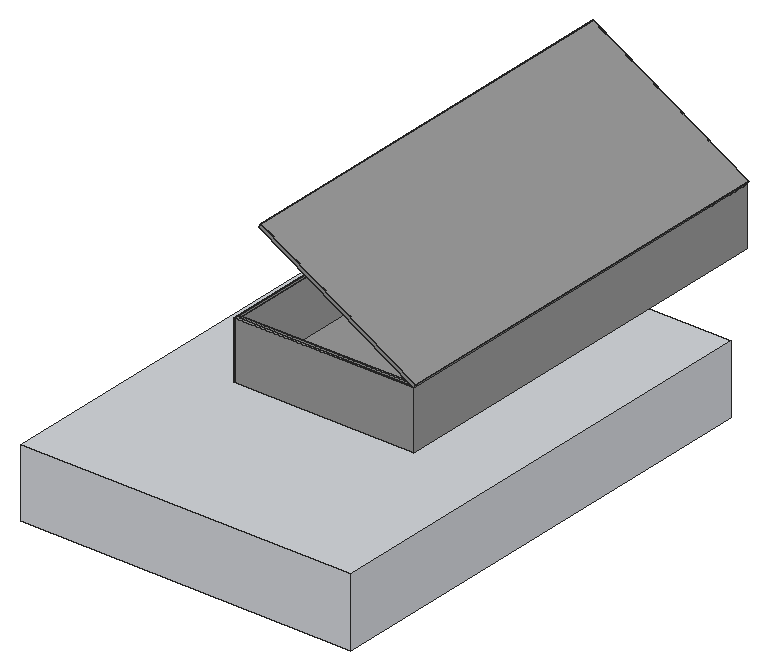
Revit family "Hager-Univers-IP41-D275-H1850-Cl.I-Steel_encl-AT-de", category Equipement électrique, Revit 2020
Family settings
  Hôte = Face
  Configuration du panneau = Deux colonnes, circuits au sein
  Cote de connecteur circulaire = Utiliser le diamètre
  Type d'élément = Tableau de raccordement
  Couper avec des vides une fois chargée = Non
  Partagée = Non
  Point de calcul de pièce = Non
Parameters (values of type "Aufputz IP41 B800 H1850 T275  - FS23E")
  Width Control [instance] = if([EF000008 - Breite] > Min Width, [EF000008 - Breite], Min Width)  # 800 mm
  Commentaires du type = [HG000003 - Bereich]  # "Univers"
  Thickness Door [instance] = if([EF009171 - Materialstärke Tür/Deckel] > 3 mm, 3 mm, [EF009171 - Materialstärke Tür/Deckel])  # 1.5 mm
  Seal Frame Offset [instance] = 17 mm  # constant formula
  Plinth Visibility [instance] = [HG000027 - Sockelhöhe] > 0 mm  # no
  Model = ""
  Min Width [instance] = 100 mm  # constant formula
  Min Height [instance] = 100 mm  # constant formula
  Min Depth [instance] = (2 * [EF009170 - Materialstärke Gehäuse]) + 1 mm  # 4 mm
  Internal Frame Depth [instance] = (Door System Depth * 0.5)  # 9 mm
  Height Control [instance] = if([EF000040 - Höhe] > Min Height, [EF000040 - Höhe], Min Height)  # 1850 mm
  HG000027 - Sockelhöhe = 0 mm
  HG000026 - Stehend auf dem Boden = no
  HG000024 - Höhe des unteren Teils = 800 mm
  HG000023 - Gehäuse mit doppeltem Querschnitt = no
  HG000016 - 3D-Türsichtbarkeit [instance] = yes
  HG000015 - Sichtbarkeit der Türöffnung [instance] = no
  HG000014 - Tür rechts [instance] = yes
  HG000013 - Tür links [instance] = not([HG000014 - Tür rechts])  # no
  HG000012 - Türschwenkwinkel [instance] = 30.00°
  HG000010 - Asymmetrische Türen = no
  HG000009 - Doppelflügeligen Tür = no
  HG000006 - Unterputz = no
  HG000004 - Herstellerreferenz = "FS23E"
  HG000003 - Bereich = "Univers"
  HG000002 - Mit tür = yes
  Frame Offset Bottom [instance] = 10 mm  # constant formula
  Frame Offset [instance] = 15 mm  # constant formula
  EF015940 - Deckel mit Überdruckentlastung = no
  EF011959 - Schutzart (NEMA) = ""
  EF009554 - Anzahl der Öffnungen für Flanschplatten = 6
  Fabricant = "Hager"  # constant formula
  EF009212 - Ausführung Deckel = "EV000116 - geschlossen"
  EF009171 - Materialstärke Tür/Deckel = 1.5 mm
  EF009170 - Materialstärke Gehäuse = 1.5 mm
  EF008873 - Nennstrom (In) = 630 A
  EF007800 - Geeignet für Blitzschutz = no
  EF006306 - Mit Schloss = no
  EF006244 - Transparenter Deckel/Tür = no
  EF005474 - Schutzart (IP) = "EV006416 - IP41"
  EF004464 - Art der Tür = "EV002646 - Einzel"
  EF004427 - Anzahl der Module = 432
  EF004293 - Schlagfestigkeit = "EV006813 - IK07"
  EF003532 - Geeignet für Außengebrauch = no
  EF002950 - Breite in Teilungseinheiten = 24
  EF001613 - Funktionserhalt = "EV000494 - ohne"
  EF001596 - Werkstoff des Gehäuses = "EV000179 - Stahl"
  EF001131 - Innentiefe = 275 mm
  EF001088 - Anbaumöglichkeit = yes
  EF000437 - Anzahl der Leitungseinführungen = 6
  EF000339 - Art der Abdeckung = "EV004216 - Tür"
  EF000266 - Anzahl der Reihen = 12
  EF000218 - Einbautiefe = 0 mm
  EF000118 - Mit Montageplatte = no
  EF000116 - RAL-Nummer = "7035"
  EF000049 - Tiefe = 275 mm
  EF000040 - Höhe = 1850 mm
  EF000008 - Breite = 800 mm
  EF000007 - Farbe = "EV000270 - grau"
  EF000003 - Montageart = "EV000384 - Aufputz"
  Door System Leaf Tolerance [instance] = 1.5 mm  # constant formula
  Door System Depth [instance] = 18 mm  # constant formula
  Door Height [instance] = Height Control - [HG000027 - Sockelhöhe]  # 1850 mm
  Depth Control [instance] = if([EF000049 - Tiefe] > Min Depth, [EF000049 - Tiefe], Min Depth)  # 275 mm
  Default Elevation = 0 mm
  Connector Offset [instance] = Height Control / 2  # 925 mm
  Bottom Top Plate Trim [instance] = 1.5 mm  # constant formula
  Plinth height Ctrl [instance] = if([HG000027 - Sockelhöhe] > 0 mm, [HG000027 - Sockelhöhe], 12 mm)  # 12 mm
Types (5, lengths in mm): name | Width Control | HG000009 - Doppelflügeligen Tür | HG000004 - Herstellerreferenz | EF009554 - Anzahl der Öffnungen für Flanschplatten | EF004464 - Art der Tür | EF004427 - Anzahl der Module | EF000437 - Anzahl der Leitungseinführungen | EF000008 - Breite
  Aufputz IP41 B1050 H1850 T275  - FS24E | 1050 | yes | "FS24E" | 8 | "EV003602 - Doppel" | 576 | 8 | 1050
  Aufputz IP41 B1300 H1850 T275  - FS25E | 1300 | yes | "FS25E" | 10 | "EV003602 - Doppel" | 720 | 10 | 1300
  Aufputz IP41 B300 H1850 T275  - FS21E | 300 | no | "FS21E" | 2 | "EV002646 - Einzel" | 144 | 2 | 300
  Aufputz IP41 B550 H1850 T275  - FS22E | 550 | no | "FS22E" | 4 | "EV002646 - Einzel" | 288 | 4 | 550
  Aufputz IP41 B800 H1850 T275  - FS23E | 800 | no | "FS23E" | 6 | "EV002646 - Einzel" | 432 | 6 | 800
Reference planes
  plane 1 "Center (Front/Back)": y = 0
  plane 2: z = 0
  plane 3 "Center (Left/Right)": x = 0
  plane 4: z = 275
  plane 5: y = 1.5
  plane 6: y = 925
  plane 7: y = 0
  plane 8: y = 1850
  plane 9: z = 0
  plane 10: x = -385
  plane 11: x = 385
  plane 12: x = 383.5
  plane 13: x = -383.5
  plane 14: y = 1848.5
  plane 15: x = -383
  plane 16: x = -400
  plane 17: x = 383
  plane 18: x = 400
  plane 19: x = 398.5
  plane 20: x = -398.5
  plane 21: y = 11.5
  plane 22: y = 1850
  plane 23: y = 1833.5
  plane 24: z = 257
  plane 25: z = 1.5
  plane 26: z = 255.5
  plane 27: z = 273.5
Forms (mm)
  Extrusion 1, solid
    sketch origin (0, 0, 0) x (1, 0, 0) y (0, 1, 0)
      loop
        line (-702.964, 1305) -> (-702.964, -811.445) -> (766.763, -811.445) -> (766.763, 1305) -> (-702.964, 1305)
    from 0 to -304.8
  Extrusion 2, solid, material "Hager_Steel_RAL7035_Light_Grey", visible <- "Plinth Visibility", detail levels medium+fine
    sketch origin (0, 0, 0) x (1, 0, 0) y (0, 1, 0)
      loop
        line (-400, 0) -> (400, 0) -> (400, 12) -> (-400, 12) -> (-400, 0)
    from 0 to 257
  Extrusion 3, solid, material "Hager_Steel_RAL7035_Light_Grey", detail levels medium+fine
    sketch origin (0, 0, 0) x (1, 0, 0) y (0, 1, 0)
      loop
        line (-400, 0) -> (400, 0) -> (400, 1850) -> (-400, 1850) -> (-400, 0)
    from 0 to 257
  Extrusion 4, void
    sketch origin (0, 0, 0) x (1, 0, 0) y (0, 1, 0)
      loop
        line (-398.5, 1.5) -> (398.5, 1.5) -> (398.5, 1848.5) -> (-398.5, 1848.5) -> (-398.5, 1.5)
    from 1.5 to 255.5
  Extrusion 5, void
    sketch origin (-381.607, -4572, 257) x (0, -1, 0) y (-1, 0, 0)
      loop
        line (-4583.5, 1.893) -> (-6405.5, 1.893) -> (-6405.5, -765.107) -> (-4583.5, -765.107) -> (-4583.5, 1.893)
    from 0 to 1.5 <- "EF009170 - Materialstärke Gehäuse"
  Extrusion 6, solid, material "Hager_Steel_RAL7035_Light_Grey", detail levels fine
    sketch origin (0, 0, 257) x (1, 0, 0) y (0, 1, 0)
      loop
        line (-383.5, 1833.5) -> (-383.5, 11.5) -> (383.5, 11.5) -> (383.5, 1833.5) -> (-383.5, 1833.5)
      loop
        line (-385, 10) -> (385, 10) -> (385, 1835) -> (-385, 1835) -> (-385, 10)
    from 0 to 9 <- "Internal Frame Depth"
  Extrusion 7, solid, material "Hager_Steel_RAL7035_Light_Grey", detail levels coarse
    sketch origin (0, 0, 0) x (1, 0, 0) y (0, 1, 0)
      loop
        line (-400, 0) -> (400, 0) -> (400, 1850) -> (-400, 1850) -> (-400, 0)
    from 0 to 275
  Sweep 8, void
    path in 3D
      loop
        line (-400, 12, 0) -> (400, 12, 0) -> (400, 12, 257) -> (-400, 12, 257) -> (-400, 12, 0)
    profile origin (-400, 12, 128.5) x (-1, 0, 0) y (0, -1, 0)
      loop
        line (0, 0) -> (0, 1.5) -> (-1.5, 1.5)
        arc (-1.5, 1.5) -> (-1.061, 0.439) -> (0, 0) r 1.5
Cuts and joins
  Extrusion 4, Extrusion 5 cuts Extrusion 3
  Sweep 8 cuts Extrusion 2
Lines and regions (mm)
  Masking region 1
    outline origin (0, 0, 0) x (1, 0, 0) y (0, 0, 1)
      loop
        line (-400, 275) -> (-400, 0) -> (400, 0) -> (400, 275) -> (-400, 275)
  Masking region 2, detail levels medium+fine
    outline origin (0, 140, 0) x (0, 1, 0) y (0, 0, 1)
      loop
        line (-140, 0) -> (1710, 0) -> (1710, 257) -> (-140, 257) -> (-140, 0)
  Masking region 3, not visible, detail levels medium+fine
    outline origin (0, 297.922, 0) x (0, 1, 0) y (0, 0, 1)
      loop
        line (638.578, 0) -> (678.578, 0) -> (678.578, 263.5)
        arc (678.578, 263.5) -> (675.649, 270.571) -> (668.578, 273.5) r 10
        line (668.578, 273.5) -> (638.578, 273.5) -> (638.578, 0)
  Masking region 4, detail levels coarse
    outline origin (0, 0, 180) x (0, 1, 0) y (0, 0, 1)
      loop
        line (0, -180) -> (1850, -180) -> (1850, 95) -> (0, 95) -> (0, -180)
  Masking region 5, visible <- "Plinth Visibility", detail levels medium+fine
    outline origin (0, 52.24, 12.345) x (0, 0, -1) y (0, 1, 0)
      loop
        line (10.845, -40.24) -> (-243.155, -40.24)
        arc (-243.155, -40.24) -> (-243.594, -41.301) -> (-244.655, -41.74) r 1.5
        line (-244.655, -41.74) -> (-244.655, -52.24) -> (12.345, -52.24) -> (12.345, -41.74)
        arc (12.345, -41.74) -> (11.285, -41.301) -> (10.845, -40.24) r 1.5
  Masking region 6, detail levels medium+fine
    outline origin (-381.607, -4572, 257) x (-1, 0, 0) y (0, -1, 0)
      loop
        line (18.393, -6422) -> (18.393, -4572) -> (-781.607, -4572) -> (-781.607, -6422) -> (18.393, -6422)
  Masking region 7, visible <- "Plinth Visibility", detail levels medium+fine
    outline origin (-381.607, -4727, 257) x (-1, 0, 0) y (0, -1, 0)
      loop
        arc (16.893, -4739) -> (17.332, -4737.939) -> (18.393, -4737.5) r 1.5
        line (18.393, -4737.5) -> (18.393, -4727) -> (-781.607, -4727) -> (-781.607, -4737.5)
        arc (-781.607, -4737.5) -> (-780.546, -4737.939) -> (-780.107, -4739) r 1.5
        line (-780.107, -4739) -> (16.893, -4739)
  Masking region 8, detail levels coarse
    outline origin (-442.548, -4669.526, 257) x (-1, 0, 0) y (0, -1, 0)
      loop
        line (-42.548, -6519.526) -> (-42.548, -4669.526) -> (-842.548, -4669.526) -> (-842.548, -6519.526) -> (-42.548, -6519.526)
  sketch lines
    curve 1: line (-400, 12, 257) -> (-400, 12, 0)
    curve 2: line (400, 12, 257) -> (-400, 12, 257)
    curve 3: line (400, 12, 257) -> (400, 12, 0)
    curve 4: line (-400, 12, 0) -> (400, 12, 0)
Dimensions and locks
  "Depth Control": plane 4 to Extrusion 1
  "HG000027 - Sockelhöhe": plane 1 "Center (Front/Back)" to plane 7
  "EF009170 - Materialstärke Gehäuse": plane 5 to plane 7
  locked: connector elem to plane 3 "Center (Left/Right)"
  equal spacing: plane 8, plane 6, plane 7
  locked: connector elem to plane 6
  "EF009170 - Materialstärke Gehäuse": plane 8 to plane 14
  "EF009170 - Materialstärke Gehäuse": plane 10 to plane 13
  "EF009170 - Materialstärke Gehäuse": plane 12 to plane 11
  "Frame Offset": plane 20 to plane 13
  "Frame Offset": plane 12 to plane 19
  "EF009170 - Materialstärke Gehäuse": plane 16 to plane 20
  "EF009170 - Materialstärke Gehäuse": plane 19 to plane 18
  "Seal Frame Offset": plane 16 to plane 15
  "Seal Frame Offset": plane 17 to plane 18
  "Frame Offset Bottom": plane 21 to plane 5
  "Frame Offset": plane 14 to plane 23
  equal spacing: plane 16, plane 3 "Center (Left/Right)", plane 18
  "Width Control": plane 16 to plane 18
  "EF009170 - Materialstärke Gehäuse": plane 4 to plane 27
  "EF009170 - Materialstärke Gehäuse": plane 24 to plane 26
  "EF009170 - Materialstärke Gehäuse": plane 25 to level
  "Door System Depth": plane 4 to plane 24
  "Height Control": plane 1 "Center (Front/Back)" to Extrusion 7 sketch curve
  "Height Control": Masking region 4 sketch curve to plane 1 "Center (Front/Back)"
  "Height Control": plane 1 "Center (Front/Back)" to plane 22
  "Bottom Top Plate Trim": profile plane to Sweep 8 sketch curve
  "Bottom Top Plate Trim": Sweep 8 sketch curve to profile plane
  "Plinth height Ctrl": plane 1 "Center (Front/Back)" to Extrusion 2 sketch curve
  "Plinth height Ctrl": Masking region 5 sketch curve to plane 1 "Center (Front/Back)"
  "Plinth height Ctrl": plane 1 "Center (Front/Back)" to Masking region 7 sketch curve
  "Thickness Door": Extrusion 6 sketch curve to Extrusion 6 sketch curve  (x3)
  "Thickness Door": cut or joined group of Extrusion 3, Extrusion 4, Extrusion 5 to Extrusion 6 sketch curve
  radius of Masking region 3 sketch curve = 10 mm
  "Bottom Top Plate Trim": radius of Masking region 5 sketch curve  (x2)
  "Bottom Top Plate Trim": radius of Sweep 8 sketch curve
  "Bottom Top Plate Trim": radius of Masking region 7 sketch curve  (x2)
  aligned and locked: plane 2 to Extrusion 1
  aligned and locked: level to Extrusion 1
  aligned and locked: level to Masking region 1 sketch curve
  aligned and locked: Masking region 1 sketch curve to plane 18
  aligned and locked: Masking region 1 sketch curve to plane 16
  aligned and locked: plane 7 to Masking region 2 sketch curve
  aligned and locked: level to Masking region 3 sketch curve
  aligned and locked: Masking region 3 sketch curve to plane 27
  aligned and locked: level to Masking region 2 sketch curve
  aligned and locked: plane 1 "Center (Front/Back)" to Extrusion 2 sketch curve
  aligned and locked: Extrusion 3 sketch curve to plane 7
  aligned and locked: plane 16 to Extrusion 3 sketch curve
  aligned and locked: plane 18 to Extrusion 3 sketch curve
  aligned and locked: plane 20 to Extrusion 4 sketch curve
  aligned and locked: plane 19 to Extrusion 4 sketch curve
  aligned and locked: Extrusion 4 sketch curve to plane 5
  aligned and locked: Extrusion 4 to plane 25
  aligned and locked: plane 26 to Extrusion 4
  aligned and locked: plane 24 to Extrusion 3
  aligned and locked: Extrusion 5 sketch curve to plane 21
  aligned and locked: Extrusion 5 sketch curve to plane 13
  aligned and locked: Extrusion 5 sketch curve to plane 12
  aligned and locked: plane 18 to Extrusion 7 sketch curve
  aligned and locked: plane 1 "Center (Front/Back)" to Extrusion 7 sketch curve
  aligned and locked: plane 16 to Extrusion 7 sketch curve
  aligned and locked: plane 4 to Extrusion 7
  aligned and locked: Extrusion 7 to level
  aligned and locked: level to Masking region 4 sketch curve
  aligned and locked: Masking region 4 sketch curve to plane 1 "Center (Front/Back)"
  aligned and locked: Masking region 4 sketch curve to plane 4
  aligned and locked: nested 1 to level
  aligned and locked: nested 1 to plane 16
  aligned and locked: plane 8 to Extrusion 3 sketch curve
  aligned and locked: plane 23 to Extrusion 5 sketch curve
  aligned and locked: plane 14 to Extrusion 4 sketch curve
  aligned and locked: Masking region 2 sketch curve to plane 8
  aligned and locked: level to Masking region 5 sketch curve
  aligned and locked: plane 16 to Extrusion 2 sketch curve
  aligned and locked: plane 18 to Extrusion 2 sketch curve
  aligned and locked: Masking region 5 sketch curve to plane 24
  aligned and locked: Masking region 2 sketch curve to plane 24
  aligned and locked: plane 24 to Extrusion 2
  aligned and locked: profile plane to Sweep 8 sketch curve  (x2)
  aligned and locked: Masking region 6 sketch curve to plane 18
  aligned and locked: Masking region 6 sketch curve to plane 22
  aligned and locked: Masking region 6 sketch curve to plane 16
  aligned and locked: plane 8 to plane 22
  aligned and locked: Masking region 6 sketch curve to plane 7
  aligned and locked: Masking region 7 sketch curve to plane 16
  aligned and locked: Masking region 7 sketch curve to plane 1 "Center (Front/Back)"
  aligned and locked: Masking region 7 sketch curve to plane 18
  aligned and locked: Masking region 8 sketch curve to plane 1 "Center (Front/Back)"
  aligned and locked: Masking region 8 sketch curve to plane 18
  aligned and locked: Masking region 8 sketch curve to plane 22
  aligned and locked: Masking region 8 sketch curve to plane 16
  aligned and locked: nested 2 to plane 7
  aligned and locked: plane 3 "Center (Left/Right)" to nested 2
  aligned and locked: nested 2 to plane 24
  aligned and locked: Extrusion 6 sketch curve to cut or joined group of Extrusion 3, Extrusion 4, Extrusion 5  (x4)
Automatic sketch dimensions
  Extrusion 1 sketch curve to Extrusion 1 sketch curve = 1469.727 mm
  Extrusion 1 sketch curve to Extrusion 1 sketch curve = 2116.445 mm
  Masking region 1 sketch curve to plane 4 = 0 mm
  plane 6 to Masking region 3 sketch curve = 11.5 mm
  Masking region 3 sketch curve to Masking region 3 sketch curve = 30 mm
  Masking region 5 sketch curve to plane 1 "Center (Front/Back)" = 0 mm
Nested families
  nested 1: "Hager_Enclosure_Symbol" at (-400, 0, 0) x (1, 0, 0) z (0, -1, 0), Height <- "Depth Control", Width <- "Width Control", type "Hager_Enclosure_Symbol"
    with Width_Ctrl 800 mm, Width 800 mm, Height_Ctrl 275 mm, Height 275 mm, A_Width_Int 18.047 mm, A_Width 216.562 mm, A_Height_Ctrl 240.625 mm, A_Height 240.625 mm
  nested 2: "EC000058_Univers_Door" at (0, 0, 257) x (1, 0, 0) z (0, 1, 0), Leaf_Tolerance <- "Door System Leaf Tolerance", Angle <- "HG000012 - Türschwenkwinkel", Door_Depth <- "Door System Depth", Door_Left <- "HG000013 - Tür links", Transparent <- "EF006244 - Transparenter Deckel/Tür", Assymetrical <- "HG000010 - Asymmetrische Türen", Width <- "Width Control", Clearance <- "HG000015 - Sichtbarkeit der Türöffnung", Double <- "HG000009 - Doppelflügeligen Tür", 3d_Door <- "HG000016 - 3D-Türsichtbarkeit", Lock_Visibility <- "EF006306 - Mit Schloss", Width_Ctrl <- "Width Control", Door_Right <- "HG000014 - Tür rechts", Door <- "HG000002 - Mit tür", Height <- "Door Height", Thickness <- "Thickness Door", type "EC000058_Univers_Door", detail levels medium+fine
    with min_wh 4 mm, Width_Ctrl 800 mm, Width 800 mm, Transparent no, Thickness 1.5 mm, Seal_Material Hager_Rubber, Lock_Visibility no, Lock_Material Hager_Plastic_RAL9005_Jet_Black, Leaf_Width 800 mm, Leaf_Tolerance_External_Sides 0 mm, Leaf_Tolerance 1.5 mm, Leaf_Offset 0 mm, Leaf_Height 1847 mm, Leaf_2_Width 800 mm, Leaf_2_Offset 400 mm, Leaf_1_Width 800 mm, Leaf_1_Offset 400 mm, Height_Ctrl 1850 mm, Height 1850 mm, Glass_Material Hager_Glass, Double_Clearance_Ctrl no, Double no, Door_Right_Ctrl yes, Door_Right yes, Door_Material Hager_Steel_RAL7035_Light_Grey, Door_Left_Ctrl no, Door_Left no, Door_Depth 18 mm, Door yes, Clearance_Material Hager_Clearance, Clearance_Depth 800 mm, Clearance_Ctrl no, Clearance no, Assymetrical no, Angle 30.00°, 3d_Door yes
Connectors
  electrical at (0, 925, 0)
    settings: on plane 9, index 1, voltage 0 V, apparent load 0 VA, apparent load phase1 0 VA, apparent load phase2 0 VA, apparent load phase3 0 VA, power factor 1, load classification "Other", number of poles 1, system type 30, power factor state 1, is connector primary yes, connector utility no, sub classification motor no, connector description ""
Definition of nested family "EC000058_Univers_Door"
  Parameters (values of type "EC000058_Univers_Door")
    min_wh [instance] = (2 * Thickness) + 1 mm  # 11 mm
    Width_Ctrl [instance] = 400 mm
    Width [instance] = 500 mm
    Transparent [instance] = yes
    Thickness [instance] = 5 mm
    Seal_Material [instance] = none
    Lock_Visibility [instance] = yes
    Lock_Material [instance] = none
    Leaf_Width [instance] = if((Width_Ctrl - 2 * Leaf_Tolerance_External_Sides) > 0 mm, (Width_Ctrl - 2 * Leaf_Tolerance_External_Sides), min_wh)  # 400 mm
    Leaf_Tolerance_External_Sides [instance] = 0 mm  # constant formula
    Leaf_Tolerance [instance] = 1.5 mm
    Leaf_Offset [instance] = 0 mm  # constant formula
    Leaf_Height [instance] = if((Height_Ctrl - 2 * Leaf_Tolerance) > 0 mm, (Height_Ctrl - 2 * Leaf_Tolerance), min_wh)  # 497 mm
    Leaf_2_Width [instance] = if(and(and(Double, Assymetrical), Door_Left), (Leaf_Width / 3) - (Leaf_Tolerance / 2), if(and(and(Double, Assymetrical), Door_Right), (Leaf_Width / 3) * 2 - (Leaf_Tolerance / 2), if(and(Double, not(Assymetrical)), (Leaf_Width / 2) - Leaf_Tolerance, Leaf_Width)))  # 400 mm
    Leaf_2_Offset [instance] = if(and(Double, Assymetrical), Leaf_2_Width / 2, if(and(Double, not(Assymetrical)), Leaf_Width / 4, Leaf_Width / 2))  # 200 mm
    Leaf_1_Width [instance] = if(and(and(Double, Assymetrical), Door_Right), (Leaf_Width / 3) - (Leaf_Tolerance / 2), if(and(and(Double, Assymetrical), Door_Left), (Width / 3) * 2 - (Leaf_Tolerance / 2), if(and(Double, not(Assymetrical)), (Leaf_Width / 2) - Leaf_Tolerance, Leaf_Width)))  # 400 mm
    Leaf_1_Offset [instance] = if(and(Double, Assymetrical), Leaf_1_Width / 2, if(and(Double, not(Assymetrical)), Leaf_Width / 4, Leaf_Width / 2))  # 200 mm
    Height_Ctrl [instance] = if(Height > min_wh, Height, min_wh)  # 500 mm
    Height [instance] = 500 mm
    Glass_Material [instance] = none
    Double_Clearance_Ctrl [instance] = and(Double, Clearance)  # no
    Double [instance] = no
    Door_Right_Ctrl [instance] = and(or(Door_Right, Double), Door)  # yes
    Door_Right [instance] = yes
    Door_Material [instance] = none
    Door_Left_Ctrl [instance] = and(or(Door_Left, Double), Door)  # no
    Door_Left [instance] = no
    Door_Depth [instance] = 30 mm
    Door [instance] = yes
    Default Elevation = 1219.2 mm
    Clearance_Material [instance] = none
    Clearance_Depth [instance] = if(Leaf_1_Width > Leaf_2_Width, Leaf_1_Width, Leaf_2_Width)  # 400 mm
    Clearance_Ctrl [instance] = and(not(Double), Clearance)  # yes
    Clearance [instance] = yes
    Assymetrical [instance] = yes
    Angle [instance] = 30.00°
    3d_Door [instance] = yes
  Reference planes
    plane 1 "Center (Front/Back)": y = 0
    plane 2 "Bottom": z = 0
    plane 3 "Center (Left/Right)": x = 0
    plane 4: z = 500
    plane 5: x = -200
    plane 6: x = 200
    plane 7: z = 500
    plane 8: x = -200
    plane 9: z = 0
    plane 10: x = 200
    plane 11: y = 0
    plane 12: z = 1.5
    plane 13: x = -600
    plane 14: y = -400
    plane 15: x = 600
    plane 16: x = 0
    plane 17: x = 0
    plane 18: x = -200
    plane 19: x = 200
    plane 20: z = 498.5
  Forms (mm)
    Extrusion 1, solid, material <- "Clearance_Material", visible <- "Double_Clearance_Ctrl"
      sketch origin (1200, 0, 0) x (1, 0, 0) y (0, 0, -1)
        loop
          line (-1800, -498.5) -> (-600, -498.5) -> (-600, 0) -> (-1800, 0) -> (-1800, -498.5)
      from 0 to -400
  Dimensions and locks
    equal spacing: plane 5, plane 3 "Center (Left/Right)", plane 6
    "Width_Ctrl": plane 5 to plane 6
    "Leaf_Offset": plane 5 to plane 8
    "Leaf_Offset": plane 6 to plane 10
    "Leaf_Offset": plane 9 to level
    "Leaf_Offset": plane 4 to plane 7
    "Height_Ctrl": plane 4 to level
    "Leaf_Tolerance": plane 12 to plane 9
    locked: plane 11 to plane 1 "Center (Front/Back)"
    "Leaf_1_Offset": plane 18 to plane 16
    "Leaf_2_Offset": plane 17 to plane 19
    "Leaf_1_Width": plane 13 to plane 8
    "Leaf_2_Width": plane 10 to plane 15
    "Clearance_Depth": plane 14 to plane 1 "Center (Front/Back)"
    "Leaf_Tolerance_External_Sides": plane 8 to plane 18
    "Leaf_Tolerance_External_Sides": plane 19 to plane 10
    "Leaf_Tolerance": plane 7 to plane 20
    aligned and locked: level to plane 2 "Bottom"
    aligned and locked: nested 1 to plane 16
    aligned and locked: nested 2 to plane 17
    aligned and locked: Extrusion 1 to plane 13
    aligned and locked: plane 15 to Extrusion 1
    aligned and locked: Extrusion 1 to plane 14
    aligned and locked: plane 12 to nested 1
    aligned and locked: nested 2 to plane 12
    aligned and locked: Extrusion 1 to plane 11
    aligned and locked: plane 20 to Extrusion 1
    aligned and locked: nested 2 to plane 11
    aligned and locked: nested 1 to plane 11
  Automatic sketch dimensions
    Extrusion 1 sketch curve to level = 0 mm
    plane 5 to Extrusion 1 sketch curve = 400 mm
    plane 6 to Extrusion 1 sketch curve = 400 mm
    Extrusion 1 sketch curve to plane 4 = 1.5 mm
  Nested families
    nested 1: "EC000058_Univers_Door_Leaf" at (0, 0, 1.5), Width <- "Leaf_1_Width", visible <- "Door_Left_Ctrl", Leaf_Height <- "Leaf_Height", Angle <- "Angle", 3d_Door <- "3d_Door", Transparent <- "Transparent", Clearance Material <- "Clearance_Material", Clearance <- "Clearance_Ctrl", Door_Material <- "Door_Material", Glass_Material <- "Glass_Material", Door_Depth <- "Door_Depth", Lock_Material <- "Lock_Material", Seal_Material <- "Seal_Material", Lock_Visibility <- "Lock_Visibility", Thickness <- "Thickness", type "EC000058_Univers_Door_Leaf"
      with Width 400 mm, Transparent_Glass_Offset 30 mm, Transparent_Ctrl yes, Transparent yes, Thickness 5 mm, Standard no, Seal_Material none, Seal_D2 8 mm, Seal_D1 1 mm, Offset_Internal_Frame 10 mm, Lock_Width 20 mm, Lock_Visibility_3d yes, Lock_Visibility yes, Lock_Thickness_3 3 mm, Lock_Thickness_2 1 mm, Lock_Thickness_1 3 mm, Lock_Radius_Offset_2 16 mm, Lock_Radius_Offset_1 15 mm, Lock_Radius_2 5 mm, Lock_Radius 6 mm, Lock_Offset 5 mm, Lock_Material none, Lock_Height 80 mm, Lock_Cover_Top_Offset_2d 17 mm, Lock_Cover_Height -65 mm, Leaf_Height 497 mm, Internal_Seal_Thickness 8 mm, Internal_Seal_Depth_2 4.5 mm, Internal_Frame_Depth 25 mm, Glass_Thickness -1 mm, Glass_Offset -2 mm, Glass_Material none, Door_Material none, Door_Depth 30 mm, Clearance Material none, Clearance yes, Angle_Ctrl 30.00°, Angle 30.00°, 3d_Door yes
    nested 2: "EC000058_Univers_Door_Leaf" at (0, 0, 1.5) x (-1, 0, 0) z (0, 0, 1), Width <- "Leaf_2_Width", visible <- "Door_Right_Ctrl", Leaf_Height <- "Leaf_Height", Angle <- "Angle", 3d_Door <- "3d_Door", Transparent <- "Transparent", Clearance Material <- "Clearance_Material", Clearance <- "Clearance_Ctrl", Door_Material <- "Door_Material", Glass_Material <- "Glass_Material", Door_Depth <- "Door_Depth", Lock_Material <- "Lock_Material", Seal_Material <- "Seal_Material", Lock_Visibility <- "Lock_Visibility", Thickness <- "Thickness", type "EC000058_Univers_Door_Leaf"
      with Width 400 mm, Transparent_Glass_Offset 30 mm, Transparent_Ctrl yes, Transparent yes, Thickness 5 mm, Standard no, Seal_Material none, Seal_D2 8 mm, Seal_D1 1 mm, Offset_Internal_Frame 10 mm, Lock_Width 20 mm, Lock_Visibility_3d yes, Lock_Visibility yes, Lock_Thickness_3 3 mm, Lock_Thickness_2 1 mm, Lock_Thickness_1 3 mm, Lock_Radius_Offset_2 16 mm, Lock_Radius_Offset_1 15 mm, Lock_Radius_2 5 mm, Lock_Radius 6 mm, Lock_Offset 5 mm, Lock_Material none, Lock_Height 80 mm, Lock_Cover_Top_Offset_2d 17 mm, Lock_Cover_Height -65 mm, Leaf_Height 497 mm, Internal_Seal_Thickness 8 mm, Internal_Seal_Depth_2 4.5 mm, Internal_Frame_Depth 25 mm, Glass_Thickness -1 mm, Glass_Offset -2 mm, Glass_Material none, Door_Material none, Door_Depth 30 mm, Clearance Material none, Clearance yes, Angle_Ctrl 30.00°, Angle 30.00°, 3d_Door yes
  Definition of nested family "EC000058_Univers_Door_Leaf"
    Parameters (values of type "EC000058_Univers_Door_Leaf")
      Width [instance] = 2000 mm
      Transparent_Glass_Offset [instance] = 30 mm
      Transparent_Ctrl [instance] = and(Transparent, [3d_Door])  # yes
      Transparent [instance] = yes
      Thickness [instance] = 5 mm
      Standard [instance] = and(not(Transparent), [3d_Door])  # no
      Seal_Material [instance] = none
      Seal_D2 [instance] = 8 mm  # constant formula
      Seal_D1 [instance] = 1 mm  # constant formula
      Offset_Internal_Frame [instance] = 10 mm  # constant formula
      Lock_Width [instance] = 20 mm  # constant formula
      Lock_Visibility_3d [instance] = and(Lock_Visibility, [3d_Door])  # yes
      Lock_Visibility [instance] = yes
      Lock_Thickness_3 [instance] = 3 mm  # constant formula
      Lock_Thickness_2 [instance] = 1 mm  # constant formula
      Lock_Thickness_1 [instance] = 3 mm  # constant formula
      Lock_Radius_Offset_2 [instance] = Lock_Radius_Offset_1 + 1 mm  # 16 mm
      Lock_Radius_Offset_1 [instance] = 15 mm  # constant formula
      Lock_Radius_2 [instance] = Lock_Radius - 1 mm  # 5 mm
      Lock_Radius [instance] = 6 mm  # constant formula
      Lock_Offset [instance] = 5 mm  # constant formula
      Lock_Material [instance] = none
      Lock_Height [instance] = 80 mm  # constant formula
      Lock_Cover_Top_Offset_2d [instance] = Lock_Radius_Offset_2 + 1 mm  # 17 mm
      Lock_Cover_Height [instance] = -(Lock_Height - Lock_Radius_Offset_1)  # -65 mm
      Leaf_Height [instance] = 2720.336 mm
      Internal_Seal_Thickness [instance] = 8 mm  # constant formula
      Internal_Seal_Depth_2 [instance] = 4.5 mm  # constant formula
      Internal_Frame_Depth [instance] = if(Door_Depth - Thickness > 5 mm, Door_Depth - Thickness, 5 mm)  # 25 mm
      Glass_Thickness [instance] = if(Thickness > 15 mm, Glass_Offset + 10 mm, -1 mm)  # -1 mm
      Glass_Offset [instance] = if(Thickness > 15 mm, -(Thickness + 10 mm) / 2, -2 mm)  # -2 mm
      Glass_Material [instance] = none
      Door_Material [instance] = none
      Door_Depth [instance] = 30 mm
      Default Elevation = 0 mm
      Clearance Material [instance] = none
      Clearance [instance] = yes
      Angle_Ctrl [instance] = if(Angle > 180.00°, 180.00°, Angle)  # 90.00°
      Angle [instance] = 90.00°
      3d_Door [instance] = yes
    Reference planes
      plane 1 "Center (Front/Back)": y = 0
      plane 2: z = 0
      plane 3 "Center (Left/Right)": x = 0
      plane 4: y = 2000
      plane 5: x = -1000
      plane 6: x = 1000
      plane 7: x = -3000
      plane 8: z = 2720.336
      plane 9: z = 30
      plane 10: z = 2690.336
      plane 11: x = 970
      plane 12: x = -970
      plane 13: y = -3
      plane 14: z = 107.833
      plane 15: y = -5
      plane 16: y = -223.314
      plane 17: x = -1000
      plane 18: z = 1360.168
      plane 19: y = 30
    Forms (mm)
      Extrusion 1, solid, material <- "Clearance Material", visible <- "Clearance"
        sketch origin (0, 0, 0) x (1, 0, 0) y (0, 0, 1)
          loop
            line (-3000, 2720.336) -> (-3000, 0) -> (1000, 0) -> (1000, 2720.336) -> (-3000, 2720.336)
        from 0 to -2000
      Extrusion 2, solid, material <- "Door_Material", visible <- "Standard", detail levels medium+fine
        sketch origin (-1000, 0, 0) x (0, 1, 0) y (-1, 0, 0)
          loop
            line (0, 30) -> (0, 25) -> (2000, 25) -> (2000, 30) -> (0, 30)
        from 0 to 2720.336 <- "Leaf_Height"
      Extrusion 3, solid, material <- "Door_Material", visible <- "Transparent_Ctrl", detail levels medium+fine
        sketch origin (-1000, 0, 0) x (0, 1, 0) y (-1, 0, 0)
          loop
            line (0, 25) -> (2000, 25) -> (2000, 30) -> (0, 30) -> (0, 25)
        from 0 to 2720.336 <- "Leaf_Height"
      Extrusion 4, void
        sketch origin (-1025, 2000, 0) x (0, 1, 0) y (0, 0, -1)
          loop
            line (-30, -2690.336) -> (-30, -30) -> (-1970, -30) -> (-1970, -2690.336) -> (-30, -2690.336)
        from 0 to 5 <- "Thickness"
      Sweep 5, solid, material <- "Seal_Material", visible <- "Transparent_Ctrl", detail levels fine
        path in 3D
          loop
            line (-1025, 30, 30) -> (-1025, 30, 2690.336) -> (-1025, 1970, 2690.336) -> (-1025, 1970, 30) -> (-1025, 30, 30)
        profile origin (-1025, 1000, 30) x (1, 0, 0) y (0, 0, 1)
          loop
            line (0, 0) -> (0, -8) -> (1, -8) -> (1, 0) -> (0, 0)
      Extrusion 6, solid, material <- "Glass_Material", visible <- "Transparent_Ctrl", detail levels medium+fine
        sketch origin (-1030, 0, 0) x (0, 1, 0) y (0, 0, -1)
          loop
            line (1970, -2690.336) -> (1970, -30) -> (30, -30) -> (30, -2690.336) -> (1970, -2690.336)
        from -2 <- "Glass_Offset" to -1 <- "Glass_Thickness"
      Extrusion 7, solid, material <- "Door_Material", visible <- "3d_Door", detail levels medium+fine
        sketch origin (-1025, 2000, 0) x (0, -1, 0) y (0, 0, -1)
          loop
            line (0, -2720.336) -> (2000, -2720.336) -> (2000, 0) -> (0, 0) -> (0, -2720.336)
          loop
            line (1995, -5) -> (5, -5) -> (5, -2715.336) -> (1995, -2715.336) -> (1995, -5)
        from 0 to 25 <- "Internal_Frame_Depth"
      Sweep 8, solid, material <- "Seal_Material", visible <- "Transparent_Ctrl", detail levels fine
        path in 3D
          loop
            line (-1025, 0, 0) -> (-1025, 2000, 0) -> (-1025, 2000, 2720.336) -> (-1025, 0, 2720.336) -> (-1025, 0, 0)
        profile origin (-1025, 0, 1360.168) x (1, 0, 0) y (0, 1, 0)
          loop
            line (0, 10) -> (2.975, 10)
            arc (2.975, 10) -> (4.053, 10.447) -> (4.5, 11.525) r 1.525
            line (4.5, 11.525) -> (4.5, 16.527)
            arc (4.5, 16.527) -> (4.069, 17.569) -> (3.027, 18) r 1.473
            line (3.027, 18) -> (0, 18) -> (0, 10)
      Extrusion 9, solid, material <- "Lock_Material", visible <- "Lock_Visibility_3d", detail levels fine
        sketch origin (-1030, 0, 0) x (0, 1, 0) y (0, 0, -1)
          loop
            arc (1993.5, -1400.168) -> (1994.561, -1399.729) -> (1995, -1398.668) r 1.5
            line (1995, -1398.668) -> (1995, -1320.168) -> (1975, -1320.168) -> (1975, -1398.668)
            arc (1975, -1398.668) -> (1975.439, -1399.729) -> (1976.5, -1400.168) r 1.5
            line (1976.5, -1400.168) -> (1993.5, -1400.168)
        from 3 <- "Lock_Thickness_1" to 0
      Blend 10, solid, material <- "Lock_Material", visible <- "Lock_Visibility_3d", detail levels fine
        base sketch origin (-1033, 0, 0) x (0, 1, 0) y (0, 0, -1)
          loop
            line (1975, -1320.168) -> (1975, -1398.668)
            arc (1975, -1398.668) -> (1975.439, -1399.729) -> (1976.5, -1400.168) r 1.5
            line (1976.5, -1400.168) -> (1993.5, -1400.168)
            arc (1993.5, -1400.168) -> (1994.561, -1399.729) -> (1995, -1398.668) r 1.5
            line (1995, -1398.668) -> (1995, -1320.168) -> (1975, -1320.168)
        top sketch origin (-1033, 0, 0) x (0, 1, 0) y (0, 0, -1)
          loop
            line (1976, -1320.168) -> (1976, -1398.668)
            arc (1976, -1398.668) -> (1976.146, -1399.022) -> (1976.5, -1399.168) r 0.5
            line (1976.5, -1399.168) -> (1993.5, -1399.168)
            arc (1993.5, -1399.168) -> (1993.854, -1399.022) -> (1994, -1398.668) r 0.5
            line (1994, -1398.668) -> (1994, -1320.168) -> (1976, -1320.168)
        from 0 to 1 <- "Lock_Thickness_2"
      Blend 11, solid, material <- "Lock_Material", visible <- "Lock_Visibility_3d", detail levels fine
        base sketch origin (-1034, 0, 0) x (0, 1, 0) y (0, 0, -1)
          loop
            line (1978, -1320.168) -> (1978, -1384.168)
            arc (1978, -1384.168) -> (1985, -1391.168) -> (1992, -1384.168) r 7
            line (1992, -1384.168) -> (1992, -1320.168) -> (1978, -1320.168)
        top sketch origin (-1034, 0, 0) x (0, 1, 0) y (0, 0, -1)
          loop
            line (1991, -1320.168) -> (1979, -1320.168) -> (1979, -1383.168)
            arc (1979, -1383.168) -> (1985, -1389.168) -> (1991, -1383.168) r 6
            line (1991, -1383.168) -> (1991, -1320.168)
        from 0 to 3 <- "Lock_Thickness_3"
      Extrusion 12, solid, material <- "Lock_Material", visible <- "Lock_Visibility_3d", detail levels fine
        sketch origin (-1030, 1975, 1320.168) x (1, 0, 0) y (0, -1, 0)
          loop
            line (-7, -19) -> (-7, -1) -> (0, -1) -> (0, 0) -> (-8, 0) -> (-8, -20) -> (0, -20) -> (0, -19) -> (-7, -19)
        from 0 to -65 <- "Lock_Cover_Height"
      Extrusion 13, void
        sketch origin (-1038, 1995, 1320.168) x (-1, 0, 0) y (0, 0, -1)
          loop
            line (-5, -65) -> (0, -65) -> (-5, -60) -> (-5, -65)
        from 0 to 20 <- "Lock_Width"
      Extrusion 14, void
        sketch origin (-1038, 1975, 1320.168) x (0, -1, 0) y (0, 0, -1)
          loop
            circle (-10, -15.995) r 6
          loop
            circle (-10, -15.995) r 5
        from 0 to 2
      Extrusion 15, solid, material <- "Lock_Material", visible <- "Lock_Visibility_3d", detail levels medium
        sketch origin (-1030, 0, 0) x (0, 1, 0) y (0, 0, -1)
          loop
            arc (1993.5, -1400.168) -> (1994.561, -1399.729) -> (1995, -1398.668) r 1.5
            line (1995, -1398.668) -> (1995, -1320.168) -> (1975, -1320.168) -> (1975, -1398.668)
            arc (1975, -1398.668) -> (1975.439, -1399.729) -> (1976.5, -1400.168) r 1.5
            line (1976.5, -1400.168) -> (1993.5, -1400.168)
        from 8 to 0
    Cuts and joins
      Extrusion 4 cuts Extrusion 3
      Extrusion 13, Extrusion 14 cuts Extrusion 9
      Extrusion 14 cuts Blend 11
      Extrusion 13, Extrusion 14 cuts Extrusion 12
      joined: Extrusion 9, Blend 10, Blend 11, Extrusion 12
      Extrusion 14 cuts Extrusion 15
    Lines and regions (mm)
      Masking region 1, visible <- "Lock_Visibility", detail levels fine
        outline origin (0, 0, 0) x (0, 1, 0) y (0, 0, 1)
          loop
            line (30, 1320.168) -> (33, 1320.168) -> (33, 1400.168) -> (30, 1400.168) -> (30, 1320.168)
      Masking region 2, visible <- "Lock_Visibility", detail levels fine
        outline origin (0, 3.143, 0) x (0, 1, 0) y (0, 0, 1)
          loop
            line (29.857, 1354.168) -> (30.857, 1354.168) -> (30.857, 1366.168) -> (29.857, 1366.168) -> (29.857, 1354.168)
      Masking region 3, detail levels medium+fine
        outline origin (0, 0, 0) x (0, 1, 0) y (0, 0, 1)
          loop
            line (0, 0) -> (30, 0) -> (30, 2720.336) -> (0, 2720.336) -> (0, 0)
      Masking region 4, detail levels medium+fine
        outline origin (0, 0, 0) x (1, 0, 0) y (0, 0, 1)
          loop
            line (-1000, 2720.336) -> (-1000, 0) -> (1000, 0) -> (1000, 2720.336) -> (-1000, 2720.336)
      Masking region 5, visible <- "Lock_Visibility", detail levels fine
        outline origin (-47.116, 0, 0) x (1, 0, 0) y (0, 0, 1)
          loop
            arc (1024.616, 1399.168) -> (1023.556, 1398.729) -> (1023.116, 1397.668) r 1.5
            line (1023.116, 1397.668) -> (1023.116, 1320.168) -> (1041.116, 1320.168) -> (1041.116, 1397.668)
            arc (1041.116, 1397.668) -> (1040.677, 1398.729) -> (1039.616, 1399.168) r 1.5
            line (1039.616, 1399.168) -> (1024.616, 1399.168)
      Masking region 6, visible <- "Lock_Visibility", detail levels medium+fine
        outline origin (-25, 0, 0) x (1, 0, 0) y (0, 0, 1)
          loop
            arc (1001.5, 1400.168) -> (1000.439, 1399.729) -> (1000, 1398.668) r 1.5
            line (1000, 1398.668) -> (1000, 1320.168) -> (1020, 1320.168) -> (1020, 1398.668)
            arc (1020, 1398.668) -> (1019.561, 1399.729) -> (1018.5, 1400.168) r 1.5
            line (1018.5, 1400.168) -> (1001.5, 1400.168)
      Masking region 7, visible <- "Lock_Visibility", detail levels fine
        outline origin (-73.735, 0, 0) x (1, 0, 0) y (0, 0, 1)
          loop
            line (1051.735, 1382.168) -> (1065.735, 1382.168) -> (1065.735, 1384.168)
            arc (1065.735, 1384.168) -> (1058.735, 1391.168) -> (1051.735, 1384.168) r 7
            line (1051.735, 1384.168) -> (1051.735, 1382.168)
      Masking region 8, visible <- "Lock_Visibility", detail levels fine
        outline origin (-73.735, 0, 0) x (1, 0, 0) y (0, 0, 1)
          loop
            line (1052.735, 1382.168) -> (1064.735, 1382.168) -> (1064.735, 1383.168)
            arc (1064.735, 1383.168) -> (1058.735, 1389.168) -> (1052.735, 1383.168) r 6
            line (1052.735, 1383.168) -> (1052.735, 1382.168)
      Masking region 9, visible <- "Lock_Visibility", detail levels fine
        outline origin (-25, 0, 0) x (1, 0, 0) y (0, 0, 1)
          loop
            line (1020, 1320.168) -> (1020, 1382.168) -> (1000, 1382.168) -> (1000, 1320.168) -> (1020, 1320.168)
      Masking region 10, detail levels medium+fine
        outline origin (0, 0, 0) x (1, 0, 0) y (0, 0, 1)
          loop
            circle (985, 1335.144) r 6
      Masking region 11, detail levels fine
        outline origin (0, 0, 0) x (1, 0, 0) y (0, 0, 1)
          loop
            circle (985, 1335.144) r 5
      Masking region 12, visible <- "Lock_Visibility", detail levels fine
        outline origin (0, 12.767, 0) x (0, 1, 0) y (0, 0, 1)
          loop
            line (20.233, 1320.168) -> (21.233, 1320.168) -> (21.233, 1399.168) -> (20.233, 1400.168) -> (20.233, 1320.168)
      Masking region 13, visible <- "Lock_Visibility", detail levels fine
        outline origin (0, 13.767, -10) x (0, 1, 0) y (0, 0, 1)
          loop
            line (20.233, 1330.168) -> (23.233, 1330.168) -> (23.233, 1399.168) -> (20.233, 1402.168) -> (20.233, 1330.168)
      Masking region 14, visible <- "Lock_Visibility", detail levels fine
        outline origin (0, 12.767, -10) x (0, 1, 0) y (0, 0, 1)
          loop
            line (20.233, 1330.168) -> (25.233, 1330.168) -> (25.233, 1399.305) -> (20.233, 1394.305) -> (20.233, 1330.168)
      Masking region 15, visible <- "Lock_Visibility", detail levels medium
        outline origin (0, 0, 0) x (0, 1, 0) y (0, 0, 1)
          loop
            line (30, 1320.168) -> (38, 1320.168) -> (38, 1400.168) -> (30, 1400.168) -> (30, 1320.168)
      Masking region 16, visible <- "Lock_Visibility", detail levels fine
        outline origin (-1000, 0, 0) x (0, 1, 0) y (-1, 0, 0)
          loop
            line (1975, 30) -> (1995, 30) -> (1995, 38) -> (1975, 38) -> (1975, 30)
          loop
            line (1979, 37) -> (1976, 37) -> (1976, 34) -> (1978, 34) -> (1979, 37)
          loop
            line (1994, 37) -> (1991, 37) -> (1992, 34) -> (1994, 34) -> (1994, 37)
      Masking region 17, visible <- "Lock_Visibility", detail levels medium
        outline origin (-1000, 0, 0) x (0, 1, 0) y (-1, 0, 0)
          loop
            line (1975, 30) -> (1995, 30) -> (1995, 38) -> (1975, 38) -> (1975, 30)
      symbolic lines
        curve 1: line (1000, 0, 0) -> (-3000, 0, 0)
        curve 2: arc (1000, 0, 0) -> (-1000, 2000, 0) -> (-3000, 0, 0) r 2000
        curve 4: line (-1030, 0, 0) -> (-1030, 2000, 0)
      reference lines
        curve 3: line (-1000, 0, 0) -> (-1000, 2000, 0)
      symbolic lines, detail levels medium+fine
        curve 5: line (-1030, 2000, 0) -> (-1025, 2000, 0)
        curve 7: line (-1025, 0, 0) -> (-1030, 0, 0)
        curve 8: line (-1025, 0, 0) -> (-1000, 0, 0)
        curve 9: line (-1000, 0, 0) -> (-1000, 2000, 0)
        curve 10: line (-1000, 2000, 0) -> (-1025, 2000, 0)
      symbolic lines, detail levels fine
        curve 6: line (-1025, 2000, 0) -> (-1025, 0, 0)
      sketch lines
        curve 11: line (-1025, 0, 2720.336) -> (-1025, 0, 0)
        curve 12: line (-1025, 2000, 0) -> (-1025, 0, 0)
        curve 13: line (-1025, 2000, 2720.336) -> (-1025, 2000, 0)
        curve 14: line (-1025, 0, 2720.336) -> (-1025, 2000, 2720.336)
        curve 15: line (-1025, 1970, 30) -> (-1025, 30, 30)
        curve 16: line (-1025, 30, 30) -> (-1025, 30, 2690.336)
        curve 17: line (-1025, 1970, 2690.336) -> (-1025, 1970, 30)
        curve 18: line (-1025, 30, 2690.336) -> (-1025, 1970, 2690.336)
      symbolic lines, visible <- "Transparent", detail levels medium+fine
        curve 19: line (-970, 0, 2690.336) -> (970, 0, 2690.336)
        curve 20: line (-970, 0, 30) -> (-970, 0, 2690.336)
        curve 21: line (970, 0, 30) -> (-970, 0, 30)
        curve 22: line (970, 0, 2690.336) -> (970, 0, 30)
    Dimensions and locks
      "Width": plane 1 "Center (Front/Back)" to plane 4
      equal spacing: plane 5, plane 3 "Center (Left/Right)", plane 6
      "Width": plane 5 to plane 6
      "Width": plane 7 to plane 5
      "Leaf_Height": plane 8 to level
      "Width": curve 5 to curve 3
      "Width": curve 3 to curve 3
      plane 8 to plane 10 = 30 mm
      plane 9 to level = 30 mm
      plane 12 to plane 5 = 30 mm
      plane 6 to plane 11 = 30 mm
      Extrusion 1 to Extrusion 4 sketch curve = 30 mm
      "Transparent_Glass_Offset": curve 3 to Extrusion 4 sketch curve
      "Transparent_Glass_Offset": Extrusion 4 sketch curve to cut or joined group of Extrusion 3, Extrusion 4  (x2)
      cut or joined group of Extrusion 3, Extrusion 4 to Extrusion 6 sketch curve = 30 mm
      "Transparent_Glass_Offset": cut or joined group of Extrusion 3, Extrusion 4 to Extrusion 4 sketch curve
      "Thickness": curve 6 to curve 4
      "Thickness": Extrusion 7 sketch curve to Extrusion 7 sketch curve  (x4)
      "Door_Depth": curve 4 to curve 3
      "Offset_Internal_Frame": profile plane to Sweep 8 sketch curve
      "Internal_Seal_Thickness": Sweep 8 sketch curve to Sweep 8 sketch curve
      "Internal_Seal_Depth_2": profile plane to Sweep 8 sketch curve
      "Seal_D1": profile plane to Sweep 5 sketch curve
      "Seal_D2": profile plane to Sweep 5 sketch curve
      "Thickness": Extrusion 2 sketch curve to Extrusion 2 sketch curve
      equal spacing: Extrusion 9 sketch curve, plane 18, Extrusion 9 sketch curve  (x2)
      equal spacing: Masking region 1 sketch curve, plane 18, Masking region 1 sketch curve
      "Lock_Height": Masking region 1 sketch curve to Masking region 1 sketch curve
      "Lock_Radius": Masking region 2 sketch curve to plane 18 to Masking region 2 sketch curve
      Masking region 2 sketch curve to Masking region 1 = 1 mm
      "Door_Depth": plane 19 to plane 1 "Center (Front/Back)"
      "Lock_Thickness_1": Masking region 1 sketch curve to plane 19
      "Lock_Width": Extrusion 9 sketch curve to Extrusion 9 sketch curve
      "Lock_Height": Extrusion 9 sketch curve to Extrusion 9 sketch curve
      "Lock_Offset": cut or joined group of Extrusion 3, Extrusion 4 to Extrusion 9 sketch curve
      equal spacing: plane 8, plane 18, level
      "Lock_Radius_Offset_1": Blend 11 sketch curve to Blend 10
      locked: Blend 10 to Blend 11 sketch curve at 2  (x2)
      locked: var sketch to Blend 11 sketch curve at 1  (x2)
      "Lock_Radius_Offset_2": Blend 11 sketch curve to Blend 10
      locked: Extrusion 12 sketch curve to Extrusion 12 sketch curve at 1  (x3)
      Masking region 6 sketch curve to Masking region 6 sketch curve = 80 mm
      "Lock_Height": Masking region 6 sketch curve to Masking region 6 sketch curve
      "Lock_Width": Masking region 6 sketch curve to Masking region 6 sketch curve
      locked: Masking region 6 to Masking region 5 sketch curve at 1  (x3)
      locked: Masking region 5 to Masking region 7 sketch curve at 2  (x2)
      "Lock_Radius_Offset_1": Masking region 5 to Masking region 7 sketch curve
      "Lock_Radius_Offset_2": Masking region 5 to Masking region 8 sketch curve
      locked: Masking region 7 to Masking region 8 sketch curve at 1  (x2)
      "Lock_Cover_Top_Offset_2d": Masking region 5 to Masking region 9 sketch curve
      equal spacing: Masking region 9, Masking region 10 sketch curve, Masking region 9
      equal spacing: Masking region 9, Masking region 11 sketch curve, Masking region 9
      Extrusion 15 sketch curve to Extrusion 15 sketch curve = 80 mm
      "Lock_Width": Extrusion 15 sketch curve to Extrusion 15 sketch curve
      "Lock_Height": Extrusion 15 sketch curve to Extrusion 15 sketch curve
      equal spacing: Extrusion 15 sketch curve, plane 18, Extrusion 15 sketch curve
      "Lock_Thickness_3": Masking region 13 sketch curve to Masking region 13 sketch curve
      "Lock_Height": Masking region 12 sketch curve to Masking region 12 sketch curve
      locked: Masking region 13 sketch curve to Masking region 1 at 8
      locked: Masking region 14 sketch curve to Masking region 13 at 1
      locked: Masking region 14 sketch curve to Masking region 1 at 10.863
      "Lock_Height": Masking region 15 sketch curve to Masking region 15 sketch curve
      "Lock_Offset": Extrusion 15 sketch curve to cut or joined group of Extrusion 3, Extrusion 4
      "Lock_Offset": plane 6 to Masking region 6 sketch curve
      radius of Sweep 8 sketch curve = 1.525 mm
      radius of Sweep 8 sketch curve = 1.473 mm
      radius of Extrusion 9 sketch curve = 1.5 mm  (x2)
      "Lock_Radius": radius of Extrusion 14 sketch curve
      "Lock_Radius_2": radius of Extrusion 14 sketch curve
      "Lock_Radius": radius of Masking region 10 sketch curve
      "Lock_Radius_2": radius of Masking region 11 sketch curve
      radius of Extrusion 15 sketch curve = 1.5 mm  (x2)
      "Angle_Ctrl": angle plane 1 "Center (Front/Back)" to curve 3
      locked: Masking region 12 sketch curve to Masking region 12 sketch curve (angle 45.00°)
      locked: Masking region 13 sketch curve to Masking region 13 sketch curve (angle 45.00°)
      locked: Masking region 14 sketch curve to Masking region 14 sketch curve (angle 45.00°)
      aligned and locked: level to plane 2
      aligned and locked: Extrusion 1 to curve 1
      aligned and locked: plane 6 to Extrusion 1
      aligned and locked: Extrusion 1 to plane 1 "Center (Front/Back)"
      aligned and locked: plane 4 to Extrusion 1
      aligned and locked: plane 8 to Extrusion 1
      aligned and locked: curve 7 to Extrusion 2 sketch curve
      aligned and locked: curve 5 to Extrusion 2 sketch curve
      aligned and locked: curve 7 to Extrusion 3 sketch curve
      aligned and locked: Extrusion 3 sketch curve to curve 4
      aligned and locked: Extrusion 3 sketch curve to curve 6
      aligned and locked: Extrusion 3 sketch curve to curve 5
      aligned and locked: curve 9 to curve 3
      aligned and locked: Extrusion 7 sketch curve to cut or joined group of Extrusion 3, Extrusion 4  (x4)
      aligned and locked: plane 17 to curve 3
      aligned and locked: plane 1 "Center (Front/Back)" to curve 3
      aligned and locked: plane 17 to plane 5
      aligned and locked: Sweep 8 sketch curve to profile plane
      aligned and locked: Sweep 5 sketch curve to profile plane  (x2)
      aligned and locked: Masking region 1 to Masking region 2 sketch curve
      aligned and locked: plane 19 to Masking region 1 sketch curve
      aligned and locked: plane 1 "Center (Front/Back)" to Masking region 3 sketch curve
      aligned and locked: plane 19 to Masking region 3 sketch curve
      aligned and locked: level to Masking region 3 sketch curve
      aligned and locked: Masking region 3 sketch curve to plane 8
      aligned and locked: plane 17 to Masking region 4 sketch curve
      aligned and locked: level to Masking region 4 sketch curve
      aligned and locked: Masking region 4 sketch curve to plane 8
      aligned and locked: plane 12 to curve 20
      aligned and locked: plane 10 to curve 19
      aligned and locked: plane 11 to curve 22
      aligned and locked: curve 21 to plane 9
      aligned and locked: Extrusion 2 sketch curve to cut or joined group of Extrusion 3, Extrusion 4
      aligned and locked: Blend 10 sketch curve to Extrusion 9  (x4)
      aligned and locked: Extrusion 9 to Blend 10 sketch curve
      aligned and locked: Blend 10 to Blend 11 sketch curve
      aligned and locked: Extrusion 12 sketch curve to Blend 11
      aligned and locked: Extrusion 12 sketch curve to Extrusion 9  (x4)
      aligned and locked: Masking region 5 sketch curve to Masking region 6
      aligned and locked: Masking region 9 sketch curve to Masking region 6  (x3)
      aligned and locked: Masking region 12 sketch curve to Masking region 1
      aligned and locked: Masking region 13 sketch curve to Masking region 1
      aligned and locked: Masking region 12 to Masking region 14
      aligned and locked: Masking region 14 sketch curve to Masking region 1
      aligned and locked: Masking region 15 sketch curve to Masking region 14
      aligned and locked: Masking region 13 sketch curve to Masking region 12
      aligned and locked: Masking region 16 sketch curve to cut or joined group of Extrusion 14, Extrusion 15  (x4)
      aligned and locked: Masking region 16 sketch curve to cut or joined group of Extrusion 9, Blend 10, Blend 11, Extrusion 12, Extrusion 13, Extrusion 14  (x6)
      aligned and locked: cut or joined group of Extrusion 9, Blend 10, Blend 11, Extrusion 12, Extrusion 13, Extrusion 14 to Masking region 16 sketch curve
      aligned and locked: Masking region 17 sketch curve to cut or joined group of Extrusion 14, Extrusion 15  (x3)
      aligned and locked: Masking region 17 sketch curve to cut or joined group of Extrusion 9, Blend 10, Blend 11, Extrusion 12, Extrusion 13, Extrusion 14
      aligned and locked: Masking region 9 to Masking region 8 sketch curve
      aligned and locked: Masking region 9 to Masking region 7 sketch curve
    Automatic sketch dimensions
      plane 1 "Center (Front/Back)" to curve 2 = 0 mm
      curve 2 to plane 5 = 0 mm
      Extrusion 1 sketch curve to level = 0 mm
      Extrusion 1 sketch curve to plane 7 = 0 mm
      Extrusion 1 sketch curve to plane 6 = 0 mm
      Extrusion 1 sketch curve to plane 8 = 0 mm
      Extrusion 3 to Extrusion 6 sketch curve = 30 mm  (x4)
      Masking region 4 sketch curve to plane 6 = 0 mm
      Blend 10 sketch curve to Extrusion 9 = 1.5 mm
      Blend 10 sketch curve to Extrusion 9 = 1 mm
      Extrusion 13 sketch curve to Extrusion 12 = 0 mm  (x2)
      Extrusion 12 to Extrusion 13 sketch curve = 3 mm
      Extrusion 13 sketch curve to Extrusion 12 = 5 mm
      Extrusion 14 sketch curve to Extrusion 14 sketch curve = 0 mm  (x2)
      Extrusion 14 sketch curve to Extrusion 12 = 10 mm
      Extrusion 14 sketch curve to Extrusion 12 = 15.995 mm
      Masking region 5 sketch curve to Masking region 5 sketch curve = 1.5 mm  (x2)
      Masking region 10 sketch curve to plane 18 = 25.024 mm
      Masking region 11 sketch curve to plane 18 = 25.024 mm
      plane 19 to Masking region 14 sketch curve = 3 mm
      Masking region 16 sketch curve to Masking region 16 sketch curve = 3 mm
      curve 4 to curve 3 = 0 mm
      Blend 10 to Blend 11 sketch curve = 0 mm
      Masking region 6 sketch curve to Masking region 6 sketch curve = 1.5 mm  (x2)
      Masking region 6 sketch curve to plane 18 = 40 mm
      plane 19 to Masking region 12 sketch curve = 3 mm
      Masking region 12 sketch curve to Masking region 12 sketch curve = 1 mm
      Masking region 15 sketch curve to plane 19 = 0 mm
      Masking region 15 sketch curve to plane 18 = 40 mm
      radius of Blend 10 sketch curve to Extrusion 9 = 1 mm
Definition of nested family "Hager_Enclosure_Symbol"
  Parameters (values of type "Hager_Enclosure_Symbol")
    Width_Ctrl [instance] = if(Width > 1 mm, Width, 1 mm)  # 102.27 mm
    Width [instance] = 102.27 mm
    Height_Ctrl [instance] = if(Height > 1 mm, Height, 1 mm)  # 66.5 mm
    A_Width_Int [instance] = if(A_Width / 12 > 2 mm, A_Width / 12, 2 mm)  # 4.364 mm
    A_Width [instance] = if(A_Height_Ctrl * 0.9 > 2 mm, A_Height_Ctrl * 0.9, 2 mm)  # 52.369 mm
    A_Height_Ctrl [instance] = if(A_Height > 2 mm, A_Height, 2 mm)  # 58.188 mm
    Height [instance] = 66.5 mm
    A_Height [instance] = Height - (Height / 8)  # 58.188 mm
  Reference planes
    plane 1 "Centre (avant/arrière)": y = 0
    plane 2: z = 0
    plane 3 "Centre (gauche/droite)": x = 0
    plane 4: x = 52.369
    plane 5: y = 33.042
    plane 6: y = 41.77
    plane 7: y = 66.5
    plane 8: x = 26.184
    plane 9: y = 37.406
    plane 10: x = 102.27
    plane 11: y = 66.5
    plane 12: y = 8.313
  Lines and regions (mm)
    Filled region 1, type "Solid_Black", in view "Niveau de réf."
      outline origin (0, 0, 0) x (1, 0, 0) y (0, 1, 0)
        loop
          line (52.369, 66.5) -> (33.188, 54.536) -> (45.365, 45.006) -> (52.369, 66.5)
    Filled region 2, type "Solid_Black", in view "Niveau de réf."
      outline origin (0, 0, 0) x (1, 0, 0) y (0, 1, 0)
        loop
          line (0, 0) -> (102.27, 0) -> (102.27, 66.5) -> (0, 0)
    detail lines, in view "Niveau de réf."
      curve 1: line (0, 8.313, 0) -> (26.184, 41.77, 0)
      curve 2: line (26.184, 41.77, 0) -> (26.184, 33.042, 0)
      curve 3: line (26.184, 33.042, 0) -> (52.369, 66.5, 0)
  Dimensions and locks
    "A_Width": plane 3 "Centre (gauche/droite)" to plane 4
    equal spacing: plane 3 "Centre (gauche/droite)", plane 8, plane 4
    equal spacing: plane 6, plane 9, plane 5
    equal spacing: curve 3, Filled region 1 sketch curve, Filled region 1 sketch curve
    "Height_Ctrl": plane 1 "Centre (avant/arrière)" to plane 11
    "A_Height_Ctrl": plane 11 to plane 12
    equal spacing: plane 11, plane 9, plane 12
    "A_Width_Int": plane 6 to plane 9
    "Width_Ctrl": plane 3 "Centre (gauche/droite)" to plane 10
    angle Filled region 1 sketch curve to curve 3 = 20.00°
    angle curve 3 to Filled region 1 sketch curve = 20.00°
    locked: curve 3 to Filled region 1 sketch curve (angle 90.00°)
    aligned and locked: plane 10 to Filled region 2
    aligned and locked: plane 11 to Filled region 2 sketch curve
    aligned and locked: plane 10 to Filled region 2 sketch curve
    aligned and locked: plane 3 "Centre (gauche/droite)" to curve 1
    aligned and locked: plane 12 to curve 1
    aligned and locked: plane 7 to plane 11
  Automatic sketch dimensions
    Filled region 1 sketch curve to plane 4 = 0 mm
    Filled region 1 sketch curve to plane 7 = 0 mm
    plane 1 "Centre (avant/arrière)" to Filled region 2 sketch curve = 0 mm
    Filled region 2 sketch curve to plane 3 "Centre (gauche/droite)" = 0 mm
    curve 2 to plane 6 = 0 mm
    curve 2 to plane 8 = 0 mm
    curve 3 to plane 4 = 0 mm
    curve 2 to plane 5 = 0 mm
    curve 3 to plane 7 = 0 mm
